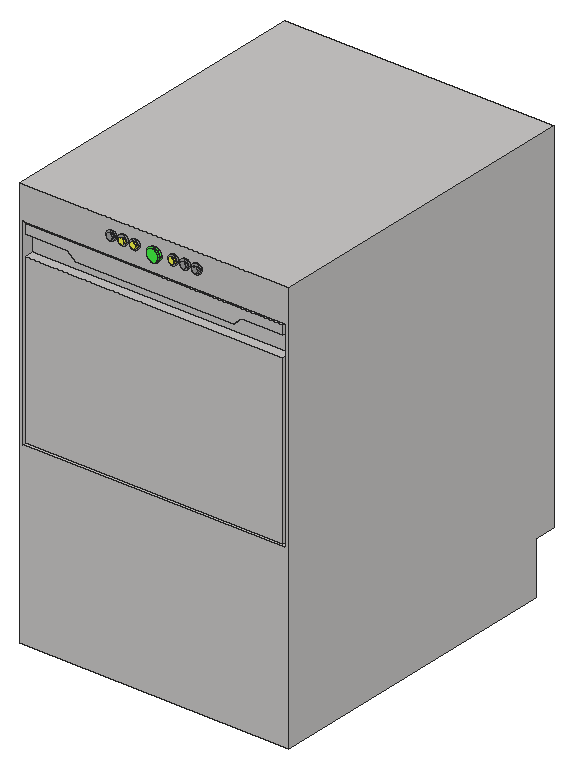
Revit family "QF_ELECTROLUXPROFESSIONAL_402216_ESICG", category Specialty Equipment, Revit 2018
Family settings
  Round Connector Dimension = Use Diameter
  Part Type = Normal
  Work Plane-Based = No
  Always vertical = Yes
  Cut with Voids When Loaded = No
  Shared = No
  Room Calculation Point = No
Parameters
  Weight = 37.00 kg
  Watts = 0 W
  Volts = 0 V
  URL Manufacturer = ""
  URL = "http://professional.electrolux.com/"
  Steam Supply Size = 0 mm
  Steam Supply Minimum Pressure = 0.0 Pa
  Steam Supply Maximum Pressure = 0.0 Pa
  Steam Pounds per Hour = 0
  Show Logo [instance] = yes
  Show Clearance [instance] = yes
  Refrigeration Suction Line Size = 0 mm
  Refrigeration Liquid Line Size = 0 mm
  Refrigerant Compressor Remote = yes
  Manufacturer = ""
  Phase = 0
  Model = ""
  Length Actual = 460 mm  # constant formula
  Item Number = ""
  Hot Water Size = 0 mm
  Height Actual = 715 mm  # constant formula
  HP = "4.4 HP"
  Gas Size = 0 mm
  Gas KW = 0
  Gas Input Pressure = 0 W
  Direct Waste Size = 22 mm
  Description = ""
  Depth Actual = 565 mm  # constant formula
  Cycle = 0 Hz
  Condensate Return Size = 0 mm
  Compressed Air Volume = 0.0 L/s
  Compressed Air Size = 0 mm
  Compressed Air Pressure = 0.0 Pa
  Cold Water Size = 0 mm
  Accessory = yes
Types (2, lengths in mm): name | Volts | URL Manufacturer | URL | Manufacturer | Phase | Model | Item Number | Description | Cycle | Cold Water Size
  (no name) | 0 V | "" | "http://professional.electrolux.com/" | "" | 0 | "" | "" | "" | 0 Hz | 0
  Standard | 200 V | "http://professional.electrolux.com" | "http://professional.electrolux.com" | "Electrolux Professional" | 1 | "ESICG" | "402216" | "GLASSWASHER(S) DOUBLE SKIN, COLD RINSE, DP, DD, 30B/H" | 50 Hz | 19.05
Reference planes
  plane 1 "Center (Front/Back)": y = 0
  plane 2: z = 0
  plane 3 "Center (Left/Right)": x = 0
  plane 4 "LEFT": x = -230
  plane 5 "RIGHT": x = 230
  plane 6 "FRONT": y = -282.5
  plane 7 "BACK": y = 282.5
  plane 8: x = -202.5
  plane 9: x = 202.5
  plane 10: z = 715
  plane 11: z = 10
Forms (mm)
  Extrusion 1, solid, material "QF_Finishes_Stainless Steel"
    sketch origin (0, 0, 0) x (1, 0, 0) y (0, 1, 0)
      loop
        line (-230, -282.5) -> (230, -282.5) -> (230, 243.5) -> (-230, 243.5) -> (-230, -282.5)
    from 10 to 715
  Extrusion 2, solid, material "QF_Finishes_Stainless Steel"
    sketch origin (0, 0, 0) x (1, 0, 0) y (0, 1, 0)
      loop
        line (-230, 243.5) -> (230, 243.5) -> (230, 282.5) -> (-230, 282.5) -> (-230, 243.5)
    from 100 to 715
  Extrusion 3, solid, material "QF_Finishes_Stainless Steel"
    sketch origin (0, 0, 0) x (1, 0, 0) y (0, 1, 0)
      loop
        circle (-202.5, 184.5) r 12.5
      loop
        circle (202.5, 184.5) r 12.5
      loop
        circle (-202.5, -235.5) r 12.5
      loop
        circle (202.5, -235.5) r 12.5
    from 0 to 10
  Extrusion 4, void
    sketch origin (-230, -282.5, 0) x (-1, 0, 0) y (0, 0, 1)
      loop
        line (-5, 658.217) -> (-455, 658.217) -> (-455, 315) -> (-5, 315) -> (-5, 658.217)
    from 0 to 30
  Extrusion 5, solid, material "QF_Finishes_Stainless Steel"
    sketch origin (-53, -392, 738) x (0, 0, -1) y (1, 0, 0)
      loop
        circle (693, 213) r 10
    from -635.5 to -674.5
  Extrusion 6, solid, material "QF_Door-Drawer Clearances", visible <- "Show Clearance", detail levels coarse
    sketch origin (-230, -282.5, 0) x (0, 1, 0) y (0, 0, -1)
      loop
        line (0, -315) -> (-315, -315)
        arc (-315, -315) -> (-223.2, -545.869) -> (0, -655) r 344.605
        line (0, -655) -> (0, -315)
    from -10 to -450
  Extrusion 7, solid, material "QF_Finishes_Stainless Steel"
    sketch origin (-242.481, -392, 738) x (0, 0, -1) y (1, 0, 0)
      loop
        circle (663, 322.481) r 8
    from -635.5 to -674.5
  Extrusion 8, solid, material "QF_Finishes_Green"
    sketch origin (234, -282.5, -28.75) x (-1, 0, 0) y (0, 0, -1)
      loop
        circle (234, -714.569) r 10
    from 0 to 5
  Extrusion 9, solid, material "QF_Finishes_Gray"
    sketch origin (234, -282.5, -24.375) x (-1, 0, 0) y (0, 0, -1)
      loop
        circle (306.936, -713.972) r 5
    from 0 to 5
  Extrusion 10, solid, material "QF_Finishes_Stainless Steel"
    sketch origin (-230, -282.5, 0) x (0, 1, 0) y (0, 0, -1)
      loop
        line (0, -319.622) -> (0, -605) -> (15, -605) -> (15, -655) -> (25, -655) -> (25, -319.622) -> (0, -319.622)
    from -10 to -450
  Extrusion 11, solid, material "QF_Finishes_Stainless Steel"
    sketch origin (-230, -282.5, 0) x (0, 1, 0) y (0, 0, -1)
      loop
        line (15, -655) -> (15, -652.514) -> (2.5, -652.514) -> (2.5, -626.25) -> (0, -626.25) -> (0, -655) -> (15, -655)
    from -10 to -450
  Extrusion 12, void
    sketch origin (-230, -282.5, 655) x (0, 0, 1) y (1, 0, 0)
      loop
        line (-15.552, 10) -> (-15.552, 81.607) -> (-28.75, 94.804) -> (-28.75, 10) -> (-15.552, 10)
      loop
        line (-15.552, 450) -> (-28.75, 450) -> (-28.75, 365.196) -> (-15.552, 378.393) -> (-15.552, 450)
    from 0 to 2.5
  Extrusion 13, solid, material "QF_Finishes_Stainless Steel"
    sketch origin (-328, -392, 738) x (0, 0, -1) y (1, 0, 0)
      loop
        circle (663, 228) r 8
    from -635.5 to -674.5
  Extrusion 14, solid, material "QF_Finishes_Green"
    sketch origin (-230, -282.5, 0) x (1, 0, 0) y (0, 0, 1)
      loop
        circle (230, 685.819) r 12
      loop
        circle (230, 685.819) r 10
    from 0 to 2.5
  Extrusion 15, solid, material "QF_Finishes_Gray"
    sketch origin (-210, -282.5, -28.75) x (1, 0, 0) y (0, 0, 1)
      loop
        circle (262.936, 718.347) r 8
      loop
        circle (262.936, 718.347) r 5
      loop
        circle (242.936, 718.347) r 8
      loop
        circle (242.936, 718.347) r 5
      loop
        circle (282.936, 718.347) r 8
      loop
        circle (282.936, 718.347) r 5
    from 0 to 2.5
  Extrusion 16, solid, material "QF_Finishes_Gray"
    sketch origin (-234, -282.5, -24.375) x (1, 0, 0) y (0, 0, 1)
      loop
        circle (286.936, 713.972) r 5
      loop
        circle (306.936, 713.972) r 5
    from 0 to 5
  Extrusion 17, solid, material "QF_Finishes_Gray"
    sketch origin (210, -282.5, -28.75) x (-1, 0, 0) y (0, 0, -1)
      loop
        circle (262.936, -718.347) r 8
      loop
        circle (262.936, -718.347) r 5
      loop
        circle (242.936, -718.347) r 8
      loop
        circle (242.936, -718.347) r 5
      loop
        circle (282.936, -718.347) r 8
      loop
        circle (282.936, -718.347) r 5
    from 0 to 2.5
  Extrusion 18, solid, material "QF_Finishes_Yellow"
    sketch origin (254, -282.5, -24.375) x (-1, 0, 0) y (0, 0, -1)
      loop
        circle (306.936, -713.972) r 5
    from 0 to 5
  Extrusion 19, solid, material "QF_Finishes_Yellow"
    sketch origin (274, -282.5, -24.375) x (-1, 0, 0) y (0, 0, -1)
      loop
        circle (306.936, -713.972) r 5
    from 0 to 5
  Extrusion 20, solid, material "QF_Finishes_Yellow"
    sketch origin (339.871, -282.5, -24.375) x (-1, 0, 0) y (0, 0, -1)
      loop
        circle (306.936, -713.972) r 5
    from 0 to 5
Cuts and joins
  Extrusion 4 cuts Extrusion 1
  joined: Extrusion 1, Extrusion 2
  Extrusion 12 cuts Extrusion 10
  Extrusion 12 cuts Extrusion 11
Lines and regions (mm)
  Split face 1
    outline origin (-230, -282.5, 715) x (0, 0, -1) y (1, 0, 0)
      loop
        line (35, 0) -> (35, 60) -> (49.142, 74.142) -> (49.142, 214.142) -> (11.456, 214.142)
        arc (11.456, 214.142) -> (9.82, 214.82) -> (9.142, 216.456) r 2.314
        line (9.142, 216.456) -> (9.142, 230) -> (9.142, 243.544)
        arc (9.142, 243.544) -> (9.82, 245.18) -> (11.456, 245.858) r 2.314
        line (11.456, 245.858) -> (49.142, 245.858) -> (49.142, 385.858) -> (35, 400) -> (35, 460)
      loop
        line (56.783, 5) -> (56.783, 0)
      loop
        line (56.783, 455) -> (56.783, 460)
  symbolic lines
    curve 1: line (-230, 282.5, 0) -> (230, 282.5, 0)
    curve 2: line (-230, -282.5, 0) -> (-230, 282.5, 0)
    curve 3: line (230, -282.5, 0) -> (-230, -282.5, 0)
    curve 4: line (230, 282.5, 0) -> (230, -282.5, 0)
    curve 9: line (-80.94, -285, 0) -> (-80.94, -282.5, 0)
    curve 10: line (-64.948, -285, 0) -> (-64.948, -282.5, 0)
    curve 11: line (-77.926, -287.5, 0) -> (-67.936, -287.5, 0)
    curve 12: line (-67.936, -287.5, 0) -> (-67.936, -285, 0)
    curve 13: line (-77.926, -287.5, 0) -> (-77.926, -285, 0)
    curve 14: line (-60.936, -285, 0) -> (-44.936, -285, 0)
    curve 15: line (-44.936, -285, 0) -> (-44.936, -282.5, 0)
    curve 16: line (-60.936, -285, 0) -> (-60.936, -282.5, 0)
    curve 17: line (-57.936, -287.5, 0) -> (-47.936, -287.5, 0)
    curve 18: line (-47.936, -287.5, 0) -> (-47.936, -285, 0)
    curve 19: line (-57.936, -287.5, 0) -> (-57.936, -285, 0)
    curve 20: line (-40.936, -285, 0) -> (-24.936, -285, 0)
    curve 21: line (-24.936, -285, 0) -> (-24.936, -282.5, 0)
    curve 22: line (-40.936, -285, 0) -> (-40.936, -282.5, 0)
    curve 23: line (-37.936, -287.5, 0) -> (-27.936, -287.5, 0)
    curve 24: line (-27.936, -287.5, 0) -> (-27.936, -285, 0)
    curve 25: line (-37.936, -287.5, 0) -> (-37.936, -285, 0)
    curve 26: line (24.936, -285, 0) -> (40.936, -285, 0)
    curve 27: line (40.936, -285, 0) -> (40.936, -282.5, 0)
    curve 28: line (27.936, -287.5, 0) -> (37.936, -287.5, 0)
    curve 29: line (37.936, -287.5, 0) -> (37.936, -285, 0)
    curve 30: line (27.936, -287.5, 0) -> (27.936, -285, 0)
    curve 31: line (24.936, -285, 0) -> (24.936, -282.5, 0)
    curve 32: line (-12, -285, 0) -> (12, -285, 0)
    curve 33: line (12, -285, 0) -> (12, -282.5, 0)
    curve 34: line (-12, -285, 0) -> (-12, -282.5, 0)
    curve 35: line (-10, -287.5, 0) -> (10, -287.5, 0)
    curve 36: line (10, -287.5, 0) -> (10, -285, 0)
    curve 37: line (-10, -287.5, 0) -> (-10, -285, 0)
    curve 39: line (44.936, -285, 0) -> (60.936, -285, 0)
    curve 40: line (60.936, -285, 0) -> (60.936, -282.5, 0)
    curve 41: line (47.936, -287.5, 0) -> (57.936, -287.5, 0)
    curve 42: line (57.936, -287.5, 0) -> (57.936, -285, 0)
    curve 43: line (47.936, -287.5, 0) -> (47.936, -285, 0)
    curve 44: line (44.936, -285, 0) -> (44.936, -282.5, 0)
    curve 45: line (64.936, -285, 0) -> (80.936, -285, 0)
    curve 46: line (80.936, -285, 0) -> (80.936, -282.5, 0)
    curve 47: line (67.936, -287.5, 0) -> (77.936, -287.5, 0)
    curve 48: line (77.936, -287.5, 0) -> (77.936, -285, 0)
    curve 49: line (67.936, -287.5, 0) -> (67.936, -285, 0)
    curve 50: line (64.936, -285, 0) -> (64.936, -282.5, 0)
  symbolic lines, style "QF_Door-Drawer Clearances"
    curve 5: line (-220, -597.5, 0) -> (220, -597.5, 0)
    curve 6: line (220, -597.5, 0) -> (220, -282.5, 0)
    curve 7: line (-220, -597.5, 0) -> (-220, -282.5, 0)
  symbolic lines, style "SpecialityEquipment"
    curve 8: line (-80.94, -285, 0) -> (-64.948, -285, 0)
  symbolic lines, style "SpecialityEquipmentHiddenLines"
    curve 38: line (-230, 243.5, 0) -> (230, 243.5, 0)
Dimensions and locks
  equal spacing: plane 4 "LEFT", plane 3 "Center (Left/Right)", plane 5 "RIGHT"
  equal spacing: plane 7 "BACK", plane 1 "Center (Front/Back)", plane 6 "FRONT"
  plane 7 "BACK" to plane 6 "FRONT" = 565 mm
  plane 4 "LEFT" to plane 5 "RIGHT" = 460 mm
  plane 4 "LEFT" to plane 8 = 27.5 mm
  plane 9 to plane 5 "RIGHT" = 27.5 mm
  locked: plane 11 to level at 10
  plane 4 "LEFT" to plane 3 "Center (Left/Right)" = 230 mm
  plane 10 to level = 715 mm  (x2)
  plane 8 to plane 9 = 405 mm
  level to Extrusion 13 sketch curve = 75 mm
  Extrusion 13 sketch curve to plane 4 "LEFT" = 130 mm
  level to Extrusion 5 sketch curve = 45 mm
  Extrusion 5 sketch curve to plane 4 "LEFT" = 390 mm
  Extrusion 7 sketch curve to plane 4 "LEFT" = 310 mm
  level to Extrusion 7 sketch curve = 75 mm
  locked: Extrusion 3 to cut or joined group of Extrusion 1, Extrusion 2, Extrusion 4 at 98
  Extrusion 3 to Extrusion 3 = 420 mm
  locked: plane 6 "FRONT" to Extrusion 3 at 47
  plane 9 to plane 8 = 405 mm
  plane 7 "BACK" to curve 5 = 880 mm
  cut or joined group of Extrusion 10, Extrusion 12 to cut or joined group of Extrusion 1, Extrusion 2, Extrusion 4 = 290 mm
  aligned and locked: level to plane 2
  aligned and locked: Extrusion 1 sketch curve to plane 6 "FRONT"
  aligned and locked: Extrusion 1 sketch curve to plane 4 "LEFT"
  aligned and locked: plane 5 "RIGHT" to Extrusion 1 sketch curve
  aligned and locked: Extrusion 1 to plane 11
  aligned and locked: Extrusion 2 sketch curve to Extrusion 1  (x2)
  aligned and locked: plane 7 "BACK" to Extrusion 2 sketch curve
  aligned and locked: plane 5 "RIGHT" to Extrusion 2 sketch curve
  aligned and locked: plane 11 to Extrusion 3
  aligned and locked: Extrusion 2 to Extrusion 5
  aligned and locked: Extrusion 2 to Extrusion 7
  aligned and locked: plane 7 "BACK" to Extrusion 7
  aligned and locked: plane 7 "BACK" to Extrusion 5
  aligned and locked: cut or joined group of Extrusion 11, Extrusion 12 to Extrusion 12
  aligned and locked: plane 10 to Extrusion 2
Automatic sketch dimensions
  curve 1 to plane 4 "LEFT" = 0 mm
  curve 7 to plane 6 "FRONT" = 0 mm
  curve 4 to plane 5 "RIGHT" = 0 mm
  curve 2 to plane 7 "BACK" = 0 mm
  plane 4 "LEFT" to curve 5 = 10 mm
  curve 8 to plane 6 "FRONT" = 2.5 mm
  curve 8 to plane 3 "Center (Left/Right)" = 80.94 mm
  curve 8 to curve 11 = 3.013 mm
  curve 11 to curve 11 = 9.991 mm
  curve 12 to curve 10 = 2.987 mm
  curve 8 to curve 16 = 4.013 mm
  curve 14 to curve 19 = 3 mm
  curve 17 to plane 6 "FRONT" = 5 mm
  curve 17 to curve 17 = 10 mm
  curve 18 to curve 14 = 3 mm
  curve 14 to curve 20 = 4 mm
  curve 20 to curve 25 = 3 mm
  curve 24 to plane 6 "FRONT" = 5 mm
  curve 23 to curve 24 = 10 mm
  curve 24 to curve 21 = 3 mm
  curve 34 to plane 6 "FRONT" = 2.5 mm
  curve 34 to plane 3 "Center (Left/Right)" = 12 mm
  curve 32 to curve 37 = 2 mm
  plane 3 "Center (Left/Right)" to curve 36 = 10 mm
  curve 36 to curve 33 = 2 mm
  curve 26 to plane 6 "FRONT" = 2.5 mm
  curve 32 to curve 26 = 12.936 mm
  curve 26 to curve 30 = 3 mm
  curve 28 to plane 6 "FRONT" = 5 mm
  curve 28 to curve 28 = 10 mm
  curve 29 to curve 27 = 3 mm
  curve 26 to curve 44 = 4 mm
  curve 39 to curve 43 = 3 mm
  curve 41 to plane 6 "FRONT" = 5 mm
  curve 41 to curve 41 = 10 mm
  curve 42 to curve 39 = 3 mm
  curve 39 to curve 50 = 4 mm
  curve 45 to curve 47 = 3 mm
  curve 47 to plane 6 "FRONT" = 5 mm
  curve 47 to curve 47 = 10 mm
  curve 48 to curve 45 = 3 mm
  curve 6 to plane 5 "RIGHT" = 10 mm
  curve 35 to curve 36 = 2.5 mm
  curve 11 to curve 13 = 2.5 mm
  curve 15 to plane 6 "FRONT" = 2.5 mm
  curve 20 to plane 6 "FRONT" = 2.5 mm
  curve 40 to plane 6 "FRONT" = 2.5 mm
  curve 45 to plane 6 "FRONT" = 2.5 mm
  curve 38 to plane 7 "BACK" = 39 mm
  Extrusion 1 sketch curve to plane 7 "BACK" = 39 mm
  Extrusion 3 sketch curve to plane 8 = 0 mm  (x2)
  Extrusion 3 sketch curve to plane 9 = 0 mm  (x2)
  plane 6 "FRONT" to Extrusion 3 sketch curve = 47 mm  (x2)
  Extrusion 3 sketch curve to plane 7 "BACK" = 98 mm  (x2)
  Extrusion 4 sketch curve to Extrusion 1 = 5 mm  (x2)
  Extrusion 4 sketch curve to Extrusion 1 = 305 mm
  Extrusion 4 sketch curve to Extrusion 1 = 56.783 mm
  Extrusion 6 sketch curve to plane 6 "FRONT" = 0 mm
  Extrusion 6 sketch curve to plane 6 "FRONT" = 315 mm
  plane 6 "FRONT" to Extrusion 6 sketch curve = 29.589 mm
  Extrusion 6 sketch curve to plane 10 = 60 mm
  plane 11 to Extrusion 6 sketch curve = 305 mm
  Extrusion 8 sketch curve to Extrusion 8 sketch curve = 0 mm  (x2)
  Extrusion 8 sketch curve to plane 3 "Center (Left/Right)" = 0 mm
  Extrusion 8 sketch curve to plane 10 = 29.181 mm
  plane 3 "Center (Left/Right)" to Extrusion 8 sketch curve = 10 mm
  Extrusion 9 sketch curve to Extrusion 9 sketch curve = 0 mm  (x2)
  Extrusion 9 sketch curve to plane 10 = 25.403 mm
  Extrusion 9 sketch curve to plane 3 "Center (Left/Right)" = 72.936 mm
  Extrusion 9 sketch curve to Extrusion 9 sketch curve = 5 mm
  Extrusion 10 sketch curve to plane 6 "FRONT" = 0 mm
  plane 6 "FRONT" to Extrusion 10 sketch curve = 15 mm
  Extrusion 10 sketch curve to Extrusion 10 sketch curve = 25 mm
  Extrusion 10 sketch curve to plane 10 = 60 mm
  Extrusion 10 sketch curve to Extrusion 10 sketch curve = 50 mm
  Extrusion 10 sketch curve to Extrusion 10 sketch curve = 285.378 mm
  Extrusion 11 sketch curve to plane 6 "FRONT" = 0 mm
  Extrusion 11 sketch curve to Extrusion 11 sketch curve = 2.5 mm
  Extrusion 11 sketch curve to Extrusion 11 sketch curve = 12.5 mm
  Extrusion 11 sketch curve to plane 10 = 60 mm
  Extrusion 11 sketch curve to Extrusion 11 sketch curve = 2.486 mm
  Extrusion 11 sketch curve to Extrusion 11 sketch curve = 26.264 mm
  Extrusion 12 sketch curve to Extrusion 11 = 0 mm  (x3)
  Extrusion 11 to Extrusion 12 sketch curve = 0 mm
  Extrusion 12 sketch curve to Extrusion 11 = 13.198 mm  (x2)
  Extrusion 12 sketch curve to Extrusion 11 = 71.607 mm
  Extrusion 12 sketch curve to Extrusion 12 sketch curve = 13.198 mm  (x2)
  Extrusion 12 sketch curve to Extrusion 11 = 84.804 mm
  Extrusion 14 sketch curve to Extrusion 14 sketch curve = 0 mm  (x2)
  Extrusion 1 to Extrusion 14 sketch curve = 29.181 mm
  Extrusion 1 to Extrusion 14 sketch curve = 230 mm
  Extrusion 15 sketch curve to Extrusion 15 sketch curve = 0 mm  (x8)
  plane 3 "Center (Left/Right)" to Extrusion 15 sketch curve = 32.936 mm
  Extrusion 15 sketch curve to Extrusion 15 sketch curve = 20 mm  (x2)
  Extrusion 15 sketch curve to plane 10 = 25.403 mm
  Extrusion 16 sketch curve to Extrusion 16 sketch curve = 0 mm  (x5)
  Extrusion 16 sketch curve to plane 10 = 25.403 mm
  plane 3 "Center (Left/Right)" to Extrusion 16 sketch curve = 52.936 mm
  Extrusion 16 sketch curve to Extrusion 16 sketch curve = 20 mm
  Extrusion 16 sketch curve to Extrusion 16 sketch curve = 5 mm  (x2)
  Split face 1 sketch curve to cut or joined group of Extrusion 1, Extrusion 2, Extrusion 4 = 0 mm  (x6)
  cut or joined group of Extrusion 1, Extrusion 2, Extrusion 4 to Split face 1 sketch curve = 0 mm  (x2)
  cut or joined group of Extrusion 1, Extrusion 2, Extrusion 4 to Split face 1 sketch curve = 7.641 mm  (x2)
  Split face 1 sketch curve to Split face 1 sketch curve = 14.142 mm  (x4)
  Split face 1 sketch curve to cut or joined group of Extrusion 1, Extrusion 2, Extrusion 4 = 11.456 mm  (x2)
  Split face 1 sketch curve to cut or joined group of Extrusion 1, Extrusion 2, Extrusion 4 = 9.142 mm
  Split face 1 sketch curve to cut or joined group of Extrusion 1, Extrusion 2, Extrusion 4 = 55 mm
  Split face 1 sketch curve to Split face 1 sketch curve = 140 mm
  Split face 1 sketch curve to Split face 1 sketch curve = 13.544 mm  (x2)
  Split face 1 sketch curve to cut or joined group of Extrusion 1, Extrusion 2, Extrusion 4 = 69.142 mm
  Extrusion 17 sketch curve to Extrusion 17 sketch curve = 0 mm  (x8)
  Extrusion 17 sketch curve to plane 3 "Center (Left/Right)" = 32.936 mm
  Extrusion 17 sketch curve to Extrusion 17 sketch curve = 20 mm  (x2)
  Extrusion 17 sketch curve to plane 10 = 25.403 mm
  Extrusion 18 sketch curve to Extrusion 18 sketch curve = 0 mm  (x2)
  Extrusion 18 sketch curve to plane 10 = 25.403 mm
  Extrusion 18 sketch curve to plane 3 "Center (Left/Right)" = 52.936 mm
  Extrusion 18 sketch curve to Extrusion 18 sketch curve = 5 mm
  Extrusion 19 sketch curve to Extrusion 19 sketch curve = 0 mm  (x2)
  Extrusion 19 sketch curve to plane 3 "Center (Left/Right)" = 32.936 mm
  Extrusion 19 sketch curve to plane 10 = 25.403 mm
  Extrusion 19 sketch curve to Extrusion 19 sketch curve = 5 mm
  Extrusion 20 sketch curve to Extrusion 20 sketch curve = 0 mm  (x2)
  plane 3 "Center (Left/Right)" to Extrusion 20 sketch curve = 32.936 mm
  Extrusion 20 sketch curve to plane 10 = 25.403 mm
  Extrusion 20 sketch curve to Extrusion 20 sketch curve = 5 mm
  radius of Extrusion 5 sketch curve = 10 mm
  radius of Extrusion 7 sketch curve = 8 mm
  radius of Extrusion 13 sketch curve = 8 mm
  radius of Extrusion 3 sketch curve = 12.5 mm  (x4)
  radius of Extrusion 14 sketch curve = 12 mm
  radius of Extrusion 14 sketch curve = 10 mm
  radius of Extrusion 15 sketch curve = 8 mm  (x3)
  radius of Extrusion 15 sketch curve = 5 mm  (x3)
  radius of Extrusion 17 sketch curve = 8 mm  (x3)
  radius of Extrusion 17 sketch curve = 5 mm  (x3)
Connectors
  piping at (160, 282.5, 45), diameter 20
    settings: on Extrusion 5, index 1, connector inside diameter 609.6 mm, connector length 0 mm, flow factor 0, pipe flow 0.0 L/s, pressure drop 0.0 Pa, fitting loss kfactor 0, connector angle 0.00°, fixture units 0, engagement length 0 mm, angle of deflection 0.00°, flow configuration 1, flow direction 1, fitting loss method 0, system type 16, joint type 0, gender type 0, connector reference index -1, connector utility 0, adjustable connector no, is connector primary yes, connector description "Drain"
  piping at (80, 282.5, 75), driven by "Cold Water Size"
    settings: on Extrusion 7, index 3, connector diameter 0 mm, connector inside diameter 609.6 mm, connector length 0 mm, flow factor 0, pipe flow 0.0 L/s, pressure drop 0.0 Pa, fitting loss kfactor 0, connector angle 0.00°, fixture units 0, engagement length 0 mm, angle of deflection 0.00°, flow configuration 1, flow direction 1, fitting loss method 0, system type 20, joint type 0, gender type 0, connector reference index -1, connector utility 0, adjustable connector no, is connector primary no, connector description "Cold Water Inlet"
  electrical at (-100, 282.5, 75), driven by "Volts"
    settings: on Extrusion 13, index 4, voltage 0 V, apparent load 0 VA, apparent load phase1 0 VA, apparent load phase2 0 VA, apparent load phase3 0 VA, power factor 1, load classification "Altro", number of poles 1, system type 31, power factor state 1, is connector primary yes, connector utility no, sub classification motor no, connector description "Electrical Connection"
